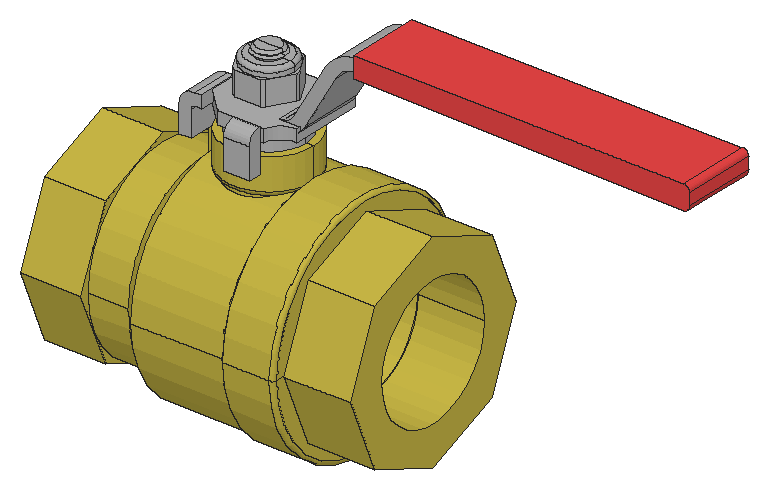
Revit family "QA01870000", category Apparecchi idraulici, Revit 2016
Family settings
  Tipo di parte = Normale
  Quota connettore circolare = Usa diametro
  Numero OmniClass = 23.45.00.00
  Titolo OmniClass = Sanitary, Laundry, and Cleaning Equipment
  Basato su piano di lavoro = No
  Sempre verticale = Sì
  Taglio con vuoti quando caricato = No
  Condiviso = No
  Punto di calcolo locali = No
Parameters
  URL = "https://web.cimberio.it/index.php/figura/140?subcategoria_id=41693"
  DN Model [instance] = QA01871032 : QA01871032
  DN [instance] = 32 mm
Reference planes
  plane 1 "Centro (Fronte/Retro)": y = 0
  plane 2: z = 0
  plane 3 "Centro (Sinistra/Destra)": x = 0
Dimensions and locks
  aligned and locked: level to plane 2
Nested families
  nested 1: "QA01871032" at (0, 0, 0), type <- "DN Model", type "QA01871032"
  nested 2: "QA01871032" at (0, 0, 0), type <- "DN Model", type "QA01871032"
  nested 3: "QA01871032" at (0, 0, 0), type <- "DN Model", type "QA01871032"
  nested 4: "QA01871032" at (0, 0, 0), type <- "DN Model", type "QA01871032"
  nested 5: "QA01871032" at (0, 0, 0), type <- "DN Model", type "QA01871032"
  nested 6: "QA01871032" at (0, 0, 0), type <- "DN Model", type "QA01871032"
  nested 7: "QA01871032" at (0, 0, 0), type <- "DN Model", type "QA01871032"
  nested 8: "QA01871032" at (0, 0, 0), type <- "DN Model", type "QA01871032"
Connectors
  piping at (40.45, 0, 0), diameter 32, driven by "DN"
    settings: on nested 1, index 1, connector inside diameter 609.6 mm, connector length 0 mm, flow factor 0, pipe flow 0.0 L/s, pressure drop 0.0 Pa, fitting loss kfactor 0, connector angle 0.00°, fixture units 0, engagement length 0 mm, angle of deflection 0.00°, flow configuration 0, flow direction 0, fitting loss method 0, system type 19, joint type 0, gender type 0, connector reference index -1, connector utility 0, adjustable connector no, is connector primary yes, connector description ""
  piping at (-41, 0, 0), diameter 32, driven by "DN"
    settings: on nested 1, index 2, connector inside diameter 609.6 mm, connector length 0 mm, flow factor 0, pipe flow 0.0 L/s, pressure drop 0.0 Pa, fitting loss kfactor 0, connector angle 0.00°, fixture units 0, engagement length 0 mm, angle of deflection 0.00°, flow configuration 0, flow direction 0, fitting loss method 0, system type 19, joint type 0, gender type 0, connector reference index -1, connector utility 0, adjustable connector no, is connector primary no, connector description ""
Definition of nested family "QA01871032"
  Reference planes
    plane 1 "Centro (Fronte/Retro)": y = 0
    plane 2: z = 0
    plane 3 "Centro (Sinistra/Destra)": x = 0
  Forms (mm)
    Revolve 1, solid
      sketch origin (0, 0, -8.125) x (1, 0, 0) y (0, 0, 1)
        loop
          line (0, 43.3) -> (0, 25.596) -> (10.25, 25.596) -> (10.25, 34.5)
          arc (10.25, 34.5) -> (10.791, 34.856) -> (11, 35.468) r 1
          line (11, 35.468) -> (11, 43.3) -> (0, 43.3)
        axis (0, 43.3) -> (0, 25.596)
      angle from 0 to 360
    Revolve 2, solid
      sketch origin (0, 0, -8.125) x (1, 0, 0) y (0, 0, 1)
        loop
          line (0, 49.37) -> (0, 43.216) -> (9, 43.216) -> (9, 49.37) -> (0, 49.37)
        axis (0, 49.37) -> (0, 43.216)
      angle from 0 to 360
    Extrusion 3, solid
      sketch origin (0, 0, 20.425) x (1, 0, 0) y (0, 1, 0)
        loop
          arc (-3.211, 6.5) -> (-3.625, 6.279) -> (-4.024, 6.031) r 7.25
          line (-4.024, 6.031) -> (-7.235, 0.469)
          arc (-7.235, 0.469) -> (-7.25, 0) -> (-7.235, -0.469) r 7.25
          line (-7.235, -0.469) -> (-4.024, -6.031)
          arc (-4.024, -6.031) -> (-3.625, -6.279) -> (-3.211, -6.5) r 7.25
          line (-3.211, -6.5) -> (3.211, -6.5)
          arc (3.211, -6.5) -> (3.625, -6.279) -> (4.024, -6.031) r 7.25
          line (4.024, -6.031) -> (7.235, -0.469)
          arc (7.235, -0.469) -> (7.25, 0) -> (7.235, 0.469) r 7.25
          line (7.235, 0.469) -> (4.024, 6.031)
          arc (4.024, 6.031) -> (3.625, 6.279) -> (3.211, 6.5) r 7.25
          line (3.211, 6.5) -> (-3.211, 6.5)
      from 23.549 to 29.581
    Revolve 4, solid
      sketch origin (0, 0, -10.194) x (1, 0, 0) y (0, 0, 1)
        loop
          line (0, 62.2) -> (0, 60.2) -> (6.25, 60.2) -> (6.25, 61.2)
          arc (6.25, 61.2) -> (5.957, 61.907) -> (5.25, 62.2) r 1
          line (5.25, 62.2) -> (0, 62.2)
        axis (0, 62.2) -> (0, 60.2)
      angle from 0 to 360
    Extrusion 5, solid
      sketch origin (0, 0, 18.316) x (1, 0, 0) y (0, 1, 0)
        loop
          line (-8.982, 9) -> (-8.982, -6.318) -> (-2.3, -13) -> (9.101, -13)
          arc (9.101, -13) -> (10.83, -10.133) -> (13.981, -9) r 5
          line (13.981, -9) -> (13.981, 9) -> (-8.982, 9)
      from 22.682 to 25.69
    Extrusion 6, solid
      sketch origin (3.125, 0, -8.125) x (1, 0, 0) y (0, 0, 1)
        loop
          line (-16.132, 45.331) -> (-16.132, 31.583) -> (-11.132, 31.583) -> (-11.132, 45.331) -> (-16.132, 45.331)
      from 0 to 2.3
    Extrusion 7, solid
      sketch origin (-11, 0, -10.156) x (0, 0, 1) y (0, 1, 0)
        loop
          line (54.2, -13) -> (43.689, -13) -> (43.689, -15.987) -> (51.213, -15.987)
          arc (51.213, -15.987) -> (53.326, -15.112) -> (54.2, -13) r 2.987
      from -18.993 to -12.693
    Revolve 8, solid
      sketch origin (0, 0, 0) x (1, 0, 0) y (0, 1, 0)
        loop
          line (-26, 16) -> (23.85, 16) -> (23.85, 27.5)
          arc (23.85, 27.5) -> (23.557, 28.207) -> (22.85, 28.5) r 1
          line (22.85, 28.5) -> (11.45, 28.5) -> (10.45, 27.5) -> (-12.05, 27.5) -> (-16.05, 23.5) -> (-26, 23.5) -> (-26, 16)
        axis (-26, 0) -> (23.85, 0)
      angle from 0 to 360
    Extrusion 9, solid
      sketch origin (0, 0, 0) x (1, 0, 0) y (0, 0, 1)
        loop
          line (-8.627, 44.006) -> (-10.207, 44.006)
          arc (-10.207, 44.006) -> (-13.035, 42.834) -> (-14.207, 40.006) r 4
          line (-14.207, 40.006) -> (-14.207, 33.533) -> (-11.18, 33.533) -> (-11.18, 40.006)
          arc (-11.18, 40.006) -> (-10.887, 40.713) -> (-10.18, 41.006) r 1
          line (-10.18, 41.006) -> (-8.627, 41.006) -> (-8.627, 44.006)
      from 0 to 10
    Revolve 10, solid
      sketch origin (0, 0, 0) x (1, 0, 0) y (0, 0, 1)
        loop
          line (0, 54.006) -> (0, 52) -> (3.294, 52) -> (3.873, 52.579) -> (2.866, 52.906) -> (3.539, 53.36) -> (2.893, 54.006) -> (0, 54.006)
        axis (0, 54.006) -> (0, 52)
      angle from 0 to 360
    Extrusion 11, solid
      sketch origin (0, 0, 0) x (1, 0, 0) y (0, 0, 1)
        loop
          arc (27.99, 64.002) -> (23.63, 62.738) -> (20.442, 59.506) r 9
          line (20.442, 59.506) -> (12.502, 45.753)
          arc (12.502, 45.753) -> (11.058, 44.385) -> (9.101, 44.026) r 3.5
          line (9.101, 44.026) -> (9.101, 41.016)
          arc (9.101, 41.016) -> (12.562, 41.787) -> (15.103, 44.258) r 6.5
          line (15.103, 44.258) -> (23.038, 58.002)
          arc (23.038, 58.002) -> (25.129, 60.138) -> (27.99, 61.001) r 6
          line (27.99, 61.001) -> (27.99, 64.002)
      from -8 to 8
    Extrusion 12, solid
      sketch origin (0, 0, 0) x (1, 0, 0) y (0, 0, 1)
        loop
          line (27.99, 65.006) -> (27.99, 60.006) -> (109.481, 59.515)
          arc (109.481, 59.515) -> (110.547, 59.951) -> (110.99, 61.013) r 1.5
          line (110.99, 61.013) -> (110.99, 63.995)
          arc (110.99, 63.995) -> (110.549, 65.059) -> (109.484, 65.497) r 1.5
          line (109.484, 65.497) -> (27.99, 65.006)
      from -8.993 to 8.993
    Extrusion 13, solid
      sketch origin (-11, 0, 0) x (0, 0, 1) y (0, 1, 0)
        loop
          circle (0, 0) r 16
        loop
          line (25.45, 0) -> (17.996, 17.996) -> (0, 25.45) -> (-17.996, 17.996) -> (-25.45, 0) -> (-17.996, -17.996) -> (0, -25.45) -> (17.996, -17.996) -> (25.45, 0)
      from 15 to 30
    Extrusion 14, solid
      sketch origin (11, 0, 0) x (0, 0, 1) y (0, -1, 0)
        loop
          circle (0, 0) r 16
        loop
          line (25.45, 0) -> (17.996, 17.996) -> (0, 25.45) -> (-17.996, 17.996) -> (-25.45, 0) -> (-17.996, -17.996) -> (0, -25.45) -> (17.996, -17.996) -> (25.45, 0)
      from 12.85 to 29.45
  Cuts and joins
    joined: Revolve 1, Extrusion 6
  Dimensions and locks
    aligned and locked: level to plane 2
